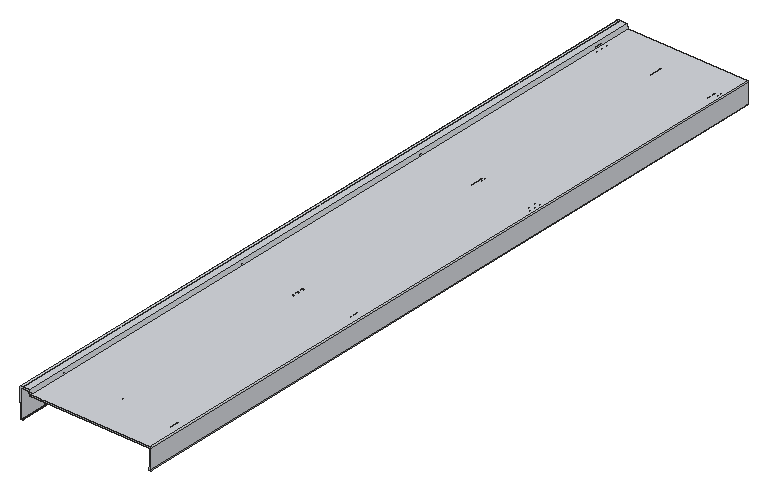
Revit family "ATBB350", category 一般モデル, Revit 2020
Family settings
  鉄筋をホスト可能 = いいえ
  丸型コネクタ寸法 = 直径を使用
  パーツ タイプ = 標準
  作業面ベース = いいえ
  常に垂直 = はい
  ロード時にボイドで切り取り = いいえ
  共有 = いいえ
  部屋計算ポイント = いいえ
Parameters
  笠木長さ [instance] = 2000 mm
  既定の高さ = 0 mm
  定尺笠木長さ = 4000 mm
  固定金具数 [instance] = 4
  判定 [instance] = if(笠木長さ > 4000 mm, 定尺笠木長さ, 笠木長さ)  # 2000 mm
Reference planes
  plane 1 "中心(正面/背面)": y = 0
  plane 2: z = 0
  plane 3 "中心(左/右)": x = 0
  plane 4: y = -2000
  plane 5: y = -100
  plane 6: y = -1900
  plane 7: z = -43
  plane 8: x = -175
  plane 9: x = 175
Forms (mm)
  Extrusion 1, solid
    sketch origin (-852, 0, -950.577) x (1, 0, 0) y (0, 0, 1)
      loop
        arc (677, 908.077) -> (677.147, 907.723) -> (677.5, 907.577) r 0.5
        line (677.5, 907.577) -> (683.5, 907.577)
        arc (683.5, 907.577) -> (683.854, 907.723) -> (684, 908.077) r 0.5
        line (684, 908.077) -> (684, 910.777) -> (680.2, 910.777) -> (680.2, 982.359)
        arc (680.2, 982.359) -> (680.826, 983.812) -> (682.312, 984.356) r 2
        line (682.312, 984.356) -> (697.919, 983.687)
        arc (697.919, 983.687) -> (699.151, 983.214) -> (699.821, 982.077) r 2
        line (699.821, 982.077) -> (701.516, 973.524) -> (1021.853, 959.795)
        arc (1021.853, 959.795) -> (1023.233, 959.191) -> (1023.8, 957.796) r 2
        line (1023.8, 957.796) -> (1023.8, 910.777) -> (1020, 910.777) -> (1020, 908.077)
        arc (1020, 908.077) -> (1020.146, 907.723) -> (1020.5, 907.577) r 0.5
        line (1020.5, 907.577) -> (1026.5, 907.577)
        arc (1026.5, 907.577) -> (1026.853, 907.723) -> (1027, 908.077) r 0.5
        line (1027, 908.077) -> (1027, 960.695)
        arc (1027, 960.695) -> (1026.423, 962.066) -> (1025.059, 962.66) r 2
        line (1025.059, 962.66) -> (704.001, 976.42) -> (702, 986.515) -> (679.118, 987.496)
        arc (679.118, 987.496) -> (677.628, 986.954) -> (677, 985.499) r 2
        line (677, 985.499) -> (677, 908.077)
    from 0 to 2000
  Extrusion 2, solid, not visible
    sketch origin (-37.266, 0, -237.732) x (1, 0, 0) y (0, 0, 1)
      loop
        arc (677, 908.077) -> (677.147, 907.723) -> (677.5, 907.577) r 0.5
        line (677.5, 907.577) -> (683.5, 907.577)
        arc (683.5, 907.577) -> (683.854, 907.723) -> (684, 908.077) r 0.5
        line (684, 908.077) -> (684, 910.777) -> (680.2, 910.777) -> (680.2, 982.359)
        arc (680.2, 982.359) -> (680.826, 983.812) -> (682.312, 984.356) r 2
        line (682.312, 984.356) -> (697.919, 983.687)
        arc (697.919, 983.687) -> (699.151, 983.214) -> (699.821, 982.077) r 2
        line (699.821, 982.077) -> (701.516, 973.524) -> (1021.853, 959.795)
        arc (1021.853, 959.795) -> (1023.233, 959.191) -> (1023.8, 957.796) r 2
        line (1023.8, 957.796) -> (1023.8, 910.777) -> (1020, 910.777) -> (1020, 908.077)
        arc (1020, 908.077) -> (1020.146, 907.723) -> (1020.5, 907.577) r 0.5
        line (1020.5, 907.577) -> (1026.5, 907.577)
        arc (1026.5, 907.577) -> (1026.853, 907.723) -> (1027, 908.077) r 0.5
        line (1027, 908.077) -> (1027, 960.695)
        arc (1027, 960.695) -> (1026.423, 962.066) -> (1025.059, 962.66) r 2
        line (1025.059, 962.66) -> (704.001, 976.42) -> (702, 986.515) -> (679.118, 987.496)
        arc (679.118, 987.496) -> (677.628, 986.954) -> (677, 985.499) r 2
        line (677, 985.499) -> (677, 908.077)
    from 0 to 250
Dimensions and locks
  "笠木長さ": plane 4 to plane 1 "中心(正面/背面)"
  locked: plane 5 to plane 1 "中心(正面/背面)" at 100
  locked: plane 6 to plane 4 at 100
  locked: plane 7 to plane 2 at 43
  plane 9 to plane 3 "中心(左/右)" = 175 mm
  locked: plane 8 to plane 3 "中心(左/右)" at 175
  locked: nested 1 to plane 1 "中心(正面/背面)" at 75
  equal spacing: group 2, group 4, group 5, group 3  (x2)
  equal spacing: group 3, group 5, group 4, group 2
  locked: nested 2 to plane 6 at 25
  "判定": Extrusion 1 to plane 1 "中心(正面/背面)"
  aligned and locked: level to plane 2
  aligned and locked: plane 7 to Extrusion 1
  aligned and locked: Extrusion 1 to plane 8
  aligned and locked: plane 4 to Extrusion 1
Automatic sketch dimensions
  Extrusion 1 sketch curve to plane 8 = 0 mm
  Extrusion 1 sketch curve to plane 7 = 0 mm  (x2)
  Extrusion 1 sketch curve to Extrusion 1 sketch curve = 0.5 mm  (x3)
  Extrusion 1 sketch curve to Extrusion 1 sketch curve = 2 mm  (x2)
  Extrusion 1 sketch curve to Extrusion 1 sketch curve = 0.118 mm
  plane 8 to Extrusion 1 sketch curve = 3.2 mm
  Extrusion 1 sketch curve to Extrusion 1 sketch curve = 0.112 mm
  Extrusion 1 sketch curve to plane 7 = 0.5 mm  (x5)
  Extrusion 1 sketch curve to Extrusion 1 sketch curve = 3.3 mm
  Extrusion 1 sketch curve to Extrusion 1 sketch curve = 15.659 mm
  Extrusion 1 sketch curve to Extrusion 1 sketch curve = 0.06 mm
  Extrusion 1 sketch curve to Extrusion 1 sketch curve = 3.657 mm
  Extrusion 1 sketch curve to Extrusion 1 sketch curve = 4.081 mm
  Extrusion 1 sketch curve to Extrusion 1 sketch curve = 2.485 mm
  Extrusion 1 sketch curve to plane 7 = 3.2 mm  (x2)
  Extrusion 1 sketch curve to plane 9 = 7 mm
  Extrusion 1 sketch curve to plane 9 = 5.2 mm
  Extrusion 1 sketch curve to Extrusion 1 sketch curve = 0.053 mm
  Extrusion 1 sketch curve to plane 9 = 3.2 mm
  Extrusion 1 sketch curve to plane 9 = 2 mm
  Extrusion 1 sketch curve to plane 9 = 1.941 mm
  Extrusion 1 sketch curve to plane 9 = 0.5 mm
  Extrusion 1 sketch curve to plane 9 = 0 mm
  level to Extrusion 1 sketch curve = 7.219 mm
  Extrusion 1 sketch curve to Extrusion 1 sketch curve = 1.999 mm  (x2)
  Extrusion 1 sketch curve to Extrusion 1 sketch curve = 2.865 mm
  Extrusion 1 sketch curve to Extrusion 1 sketch curve = 0.034 mm
  level to Extrusion 1 sketch curve = 22.947 mm
  Extrusion 1 sketch curve to Extrusion 1 sketch curve = 2.896 mm
  Extrusion 1 sketch curve to Extrusion 1 sketch curve = 5.268 mm
  Extrusion 1 sketch curve to Extrusion 1 sketch curve = 0.671 mm
  Extrusion 1 sketch curve to Extrusion 1 sketch curve = 1.997 mm  (x2)
  Extrusion 1 sketch curve to Extrusion 1 sketch curve = 1.143 mm
  Extrusion 1 sketch curve to Extrusion 1 sketch curve = 2.828 mm
  plane 8 to Extrusion 1 sketch curve = 0 mm
  Extrusion 1 sketch curve to Extrusion 1 sketch curve = 0 mm  (x25)
  Extrusion 1 sketch curve to Extrusion 1 sketch curve = 1.962 mm
Nested families
  nested 1: "ATAF350" at (0, -75, 0), type "ATAF350"
  nested 2: "ATAF350" at (0, -1875, 0), type "ATAF350"
  nested 3: "ATAF350" at (0, -675, 0), type "ATAF350"
  nested 4: "ATAF350" at (0, -1275, 0), type "ATAF350"
Definition of nested family "ATAF350"
  Parameters
    Default Elevation = 0 mm
  Reference planes
    plane 1 "中心(正面/背面)": y = 0
    plane 2: z = 0
    plane 3 "中心(左/右)": x = 0
  Forms (mm)
    Extrusion 1, solid
      sketch origin (-356.066, 0, -345.899) x (1, 0, 0) y (0, 0, 1)
        loop
          line (528.066, 308.46) -> (528.066, 316.617) -> (518.366, 355.999) -> (496.366, 356.919) -> (496.366, 352.705)
          arc (496.366, 352.705) -> (495.703, 351.218) -> (494.155, 350.716) r 2
          line (494.155, 350.716) -> (481.051, 351.999) -> (464.419, 351.999) -> (425.999, 351.959) -> (421.485, 349.399) -> (366.566, 349.399) -> (366.566, 351.999) -> (365.066, 351.999) -> (365.066, 349.399) -> (358.516, 349.399)
          arc (358.516, 349.399) -> (357.455, 349.839) -> (357.016, 350.899) r 1.5
          line (357.016, 350.899) -> (357.016, 358.873)
          arc (357.016, 358.873) -> (357.477, 359.956) -> (358.578, 360.372) r 1.5
          line (358.578, 360.372) -> (366.066, 360.058) -> (366.066, 362.059) -> (356.066, 362.479) -> (346.066, 362.899) -> (346.066, 360.898) -> (353.679, 360.578)
          arc (353.679, 360.578) -> (354.698, 360.117) -> (355.116, 359.079) r 1.5
          line (355.116, 359.079) -> (355.116, 350.899)
          arc (355.116, 350.899) -> (354.676, 349.839) -> (353.616, 349.399) r 1.5
          line (353.616, 349.399) -> (347.066, 349.399) -> (347.066, 351.999) -> (345.566, 351.999) -> (345.566, 349.399) -> (290.496, 349.44) -> (285.985, 351.999) -> (245.019, 351.999) -> (231.048, 351.997) -> (223.25, 351.046)
          arc (223.25, 351.046) -> (220.114, 352.022) -> (218.766, 355.017) r 4
          line (218.766, 355.017) -> (218.762, 361.922) -> (217.766, 368.489) -> (193.765, 369.999) -> (184.066, 315.073) -> (184.066, 308.46) -> (186.265, 308.46) -> (186.271, 310.668) -> (196.467, 362.159)
          arc (196.467, 362.159) -> (197.761, 364.265) -> (200.124, 364.99) r 3.5
          line (200.124, 364.99) -> (211.823, 364.254)
          arc (211.823, 364.254) -> (213.488, 363.471) -> (214.166, 361.759) r 2.5
          line (214.166, 361.759) -> (214.135, 345.899) -> (501.166, 345.899) -> (501.166, 350.596)
          arc (501.166, 350.596) -> (502.131, 351.73) -> (503.57, 352.114) r 2.5
          line (503.57, 352.114) -> (512.805, 351.728)
          arc (512.805, 351.728) -> (514.828, 350.977) -> (516.027, 349.182) r 3.5
          line (516.027, 349.182) -> (525.866, 313.908) -> (525.866, 308.46) -> (528.066, 308.46)
      from 0 to 50
  Dimensions and locks
    Extrusion 1 to plane 3 "中心(左/右)" = 172 mm
    Extrusion 1 to level = 0 mm
    aligned and locked: level to plane 2
